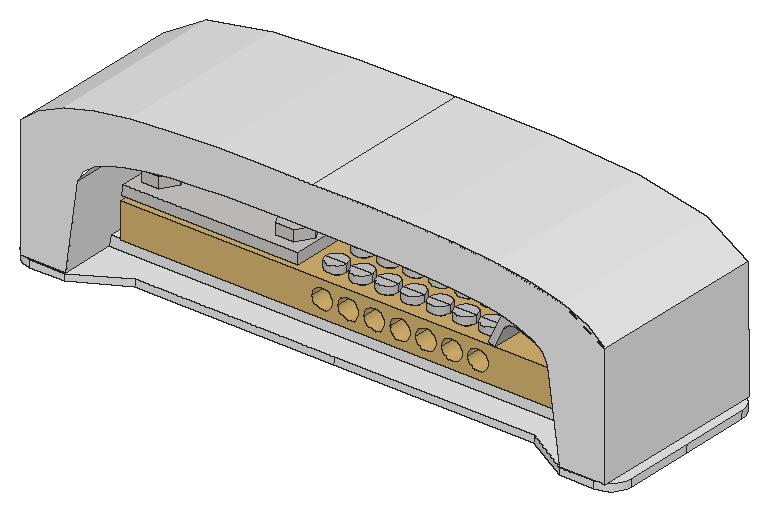
Revit family "FA_ШинаУравниванияПотенциалов_44461_EZETEK", category Системы пожарной сигнализации, Revit 2017
Family settings
  Сохранять ориентацию аннотаций = Нет
  Размер круглого соединителя = Использовать радиус
  Тип детали = Нормальный
  На основе рабочей плоскости = Нет
  Всегда вертикально = Да
  При загрузке вырезать с полостями = Нет
  Общий = Нет
  Точка расчета площади = Нет
Parameters (values of type "ШинаУравниванияПотенциалов_44461")
  Описание = "Шина уравнивания потенциалов предназначена для организации дополнительной системы уравнивания потенциалов в квартирах, домах, офисах и производственных помещениях — шина объединяет защитные проводники электрического оборудования и подключается к ГЗШ. Шина уравнивания потенциалов выполнена из латуни и имеет пластиковый кожух."  # constant formula
  Производитель_Контакты = "ezetek@ezetek.ru"  # constant formula
  Изготовитель = "Ezetek"  # constant formula
  Группа модели = "Коробки и шины уравнивания потенциалов"  # constant formula
  W = 52 mm  # constant formula
  URL = "https://ezetek.ru/"
  L = 175 mm  # constant formula
  ADSK_Этаж [instance] = ""
  ADSK_Размер_Длина = 147 mm  # constant formula
  ADSK_Примечание [instance] = ""
  ADSK_Позиция [instance] = ""
  ADSK_Обозначение = "44461"
  ADSK_Наименование краткое [instance] = "Шина уравнивания потенциалов"
  ADSK_Наименование = "Шина уравнивания потенциалов 10х8х130 мм"
  ADSK_Материал = BIMLIB_Пластик_EZETEK
  ADSK_Масса_Текст = "0.17"
  ADSK_Масса = 0.17
  ADSK_Марка = "44461"
  ADSK_Количество = 1  # constant formula
  ADSK_Код изделия = "44461"
  ADSK_Завод-изготовитель = "Ezetek"  # constant formula
  ADSK_Единица измерения = "шт."  # constant formula
  ADSK_Группирование [instance] = ""
  ADSK_Версия Revit = "2017"  # constant formula
Reference planes
  plane 1 "По центру (Вперед/Назад)": y = 0
  plane 2: z = 0
  plane 3 "По центру (Влево/Вправо)": x = 0
  plane 4: x = -73.5
  plane 5: x = 73.5
  plane 6: x = -87.5
  plane 7: x = 87.5
  plane 8: y = 26
  plane 9: y = -26
  plane 10: y = 18
  plane 11: y = -18
  plane 12: z = 2
  plane 13: z = 50
  plane 14: x = -68
  plane 15: x = 68
  plane 16: y = 10
  plane 17: y = -10
  plane 18: z = 5
  plane 19: z = 15
  plane 20: z = 10
  plane 21: y = -5
  plane 22: y = 5
  plane 23: x = 49.5
  plane 24: z = 18
Forms (mm)
  Extrusion 1, solid, material "BIMLIB_Пластик_EZETEK" <- "ADSK_Материал", detail levels fine
    sketch origin (0, 0, 0) x (1, 0, 0) y (0, 1, 0)
      loop
        arc (-81.5, 26) -> (-85.743, 24.243) -> (-87.5, 20) r 6
        line (-87.5, 20) -> (-87.5, 0) -> (-87.5, -20)
        arc (-87.5, -20) -> (-85.743, -24.243) -> (-81.5, -26) r 6
        line (-81.5, -26) -> (-71.5, -26) -> (-57.644, -18) -> (0, -18) -> (57.644, -18) -> (71.5, -26) -> (81.5, -26)
        arc (81.5, -26) -> (85.743, -24.243) -> (87.5, -20) r 6
        line (87.5, -20) -> (87.5, 0) -> (87.5, 20)
        arc (87.5, 20) -> (85.743, 24.243) -> (81.5, 26) r 6
        line (81.5, 26) -> (71.5, 26) -> (57.644, 18) -> (0, 18) -> (-57.644, 18) -> (-71.5, 26) -> (-81.5, 26)
    from 0 to 2
  Extrusion 2, solid, material "BIMLIB_Пластик_EZETEK" <- "ADSK_Материал", detail levels fine
    sketch origin (0, 0, 0) x (1, 0, 0) y (0, 1, 0)
      loop
        line (-73.5, 10) -> (-73.5, -10) -> (73.5, -10) -> (73.5, 10) -> (-73.5, 10)
    from 5 to 2
  Extrusion 3, solid, material "BIMLIB_Латунь_EZETEK", detail levels fine
    sketch origin (0, 0, 0) x (1, 0, 0) y (0, 1, 0)
      loop
        line (-68, 10) -> (-68, -10) -> (68, -10) -> (68, 10) -> (-68, 10)
    from 15 to 5
  Extrusion 4, void
    sketch origin (0, 0, 0) x (1, 0, 0) y (0, 0, 1)
      loop
        circle (-9.75, 10) r 3
      loop
        circle (-2.25, 10) r 3
      loop
        circle (5.25, 10) r 3
      loop
        circle (12.75, 10) r 3
      loop
        circle (20.25, 10) r 3
      loop
        circle (27.75, 10) r 3
      loop
        circle (35.25, 10) r 3
    from 10 to -10
  Revolve 5, solid, material "BIMLIB_Сталь_Нержавеющая_EZETEK", detail levels fine
    sketch origin (-76.811, -5, 1200) x (-1, 0, 0) y (0, 0, 1)
      loop
        line (-67.061, -1190) -> (-67.061, -1185) -> (-67.061, -1182.022) -> (-70.049, -1182.022) -> (-70.049, -1184.022) -> (-68.561, -1184.022) -> (-68.561, -1190) -> (-67.061, -1190)
      axis (-67.061, -1190) -> (-67.061, -1182.022)
    angle from 0 to 360
  Revolve 6, solid, material "BIMLIB_Сталь_Нержавеющая_EZETEK", detail levels fine
    sketch origin (-69.311, -5, 1200) x (-1, 0, 0) y (0, 0, 1)
      loop
        line (-67.061, -1190) -> (-67.061, -1185) -> (-67.061, -1182.022) -> (-70.049, -1182.022) -> (-70.049, -1184.022) -> (-68.561, -1184.022) -> (-68.561, -1190) -> (-67.061, -1190)
      axis (-67.061, -1190) -> (-67.061, -1182.022)
    angle from 0 to 360
  Revolve 7, solid, material "BIMLIB_Сталь_Нержавеющая_EZETEK", detail levels fine
    sketch origin (-61.811, -5, 1200) x (-1, 0, 0) y (0, 0, 1)
      loop
        line (-67.061, -1190) -> (-67.061, -1185) -> (-67.061, -1182.022) -> (-70.049, -1182.022) -> (-70.049, -1184.022) -> (-68.561, -1184.022) -> (-68.561, -1190) -> (-67.061, -1190)
      axis (-67.061, -1190) -> (-67.061, -1182.022)
    angle from 0 to 360
  Revolve 8, solid, material "BIMLIB_Сталь_Нержавеющая_EZETEK", detail levels fine
    sketch origin (-54.311, -5, 1200) x (-1, 0, 0) y (0, 0, 1)
      loop
        line (-67.061, -1190) -> (-67.061, -1185) -> (-67.061, -1182.022) -> (-70.049, -1182.022) -> (-70.049, -1184.022) -> (-68.561, -1184.022) -> (-68.561, -1190) -> (-67.061, -1190)
      axis (-67.061, -1190) -> (-67.061, -1182.022)
    angle from 0 to 360
  Revolve 9, solid, material "BIMLIB_Сталь_Нержавеющая_EZETEK", detail levels fine
    sketch origin (-46.811, -5, 1200) x (-1, 0, 0) y (0, 0, 1)
      loop
        line (-67.061, -1190) -> (-67.061, -1185) -> (-67.061, -1182.022) -> (-70.049, -1182.022) -> (-70.049, -1184.022) -> (-68.561, -1184.022) -> (-68.561, -1190) -> (-67.061, -1190)
      axis (-67.061, -1190) -> (-67.061, -1182.022)
    angle from 0 to 360
  Revolve 10, solid, material "BIMLIB_Сталь_Нержавеющая_EZETEK", detail levels fine
    sketch origin (-39.311, -5, 1200) x (-1, 0, 0) y (0, 0, 1)
      loop
        line (-67.061, -1190) -> (-67.061, -1185) -> (-67.061, -1182.022) -> (-70.049, -1182.022) -> (-70.049, -1184.022) -> (-68.561, -1184.022) -> (-68.561, -1190) -> (-67.061, -1190)
      axis (-67.061, -1190) -> (-67.061, -1182.022)
    angle from 0 to 360
  Revolve 11, solid, material "BIMLIB_Сталь_Нержавеющая_EZETEK", detail levels fine
    sketch origin (-31.811, -5, 1200) x (-1, 0, 0) y (0, 0, 1)
      loop
        line (-67.061, -1190) -> (-67.061, -1185) -> (-67.061, -1182.022) -> (-70.049, -1182.022) -> (-70.049, -1184.022) -> (-68.561, -1184.022) -> (-68.561, -1190) -> (-67.061, -1190)
      axis (-67.061, -1190) -> (-67.061, -1182.022)
    angle from 0 to 360
  Revolve 12, solid, material "BIMLIB_Сталь_Нержавеющая_EZETEK", detail levels fine
    sketch origin (-76.811, 5, 1200) x (-1, 0, 0) y (0, 0, -1)
      loop
        line (-67.061, 1190) -> (-68.561, 1190) -> (-68.561, 1184.022) -> (-70.049, 1184.022) -> (-70.049, 1182.022) -> (-67.061, 1182.022) -> (-67.061, 1185) -> (-67.061, 1190)
      axis (-67.061, 1190) -> (-67.061, 1182.022)
    angle from 0 to 360
  Revolve 13, solid, material "BIMLIB_Сталь_Нержавеющая_EZETEK", detail levels fine
    sketch origin (-69.311, 5, 1200) x (-1, 0, 0) y (0, 0, -1)
      loop
        line (-67.061, 1190) -> (-68.561, 1190) -> (-68.561, 1184.022) -> (-70.049, 1184.022) -> (-70.049, 1182.022) -> (-67.061, 1182.022) -> (-67.061, 1185) -> (-67.061, 1190)
      axis (-67.061, 1190) -> (-67.061, 1182.022)
    angle from 0 to 360
  Revolve 14, solid, material "BIMLIB_Сталь_Нержавеющая_EZETEK", detail levels fine
    sketch origin (-61.811, 5, 1200) x (-1, 0, 0) y (0, 0, -1)
      loop
        line (-67.061, 1190) -> (-68.561, 1190) -> (-68.561, 1184.022) -> (-70.049, 1184.022) -> (-70.049, 1182.022) -> (-67.061, 1182.022) -> (-67.061, 1185) -> (-67.061, 1190)
      axis (-67.061, 1190) -> (-67.061, 1182.022)
    angle from 0 to 360
  Revolve 15, solid, material "BIMLIB_Сталь_Нержавеющая_EZETEK", detail levels fine
    sketch origin (-54.311, 5, 1200) x (-1, 0, 0) y (0, 0, -1)
      loop
        line (-67.061, 1190) -> (-68.561, 1190) -> (-68.561, 1184.022) -> (-70.049, 1184.022) -> (-70.049, 1182.022) -> (-67.061, 1182.022) -> (-67.061, 1185) -> (-67.061, 1190)
      axis (-67.061, 1190) -> (-67.061, 1182.022)
    angle from 0 to 360
  Revolve 16, solid, material "BIMLIB_Сталь_Нержавеющая_EZETEK", detail levels fine
    sketch origin (-46.811, 5, 1200) x (-1, 0, 0) y (0, 0, -1)
      loop
        line (-67.061, 1190) -> (-68.561, 1190) -> (-68.561, 1184.022) -> (-70.049, 1184.022) -> (-70.049, 1182.022) -> (-67.061, 1182.022) -> (-67.061, 1185) -> (-67.061, 1190)
      axis (-67.061, 1190) -> (-67.061, 1182.022)
    angle from 0 to 360
  Revolve 17, solid, material "BIMLIB_Сталь_Нержавеющая_EZETEK", detail levels fine
    sketch origin (-39.311, 5, 1200) x (-1, 0, 0) y (0, 0, -1)
      loop
        line (-67.061, 1190) -> (-68.561, 1190) -> (-68.561, 1184.022) -> (-70.049, 1184.022) -> (-70.049, 1182.022) -> (-67.061, 1182.022) -> (-67.061, 1185) -> (-67.061, 1190)
      axis (-67.061, 1190) -> (-67.061, 1182.022)
    angle from 0 to 360
  Revolve 18, solid, material "BIMLIB_Сталь_Нержавеющая_EZETEK", detail levels fine
    sketch origin (-31.811, 5, 1200) x (-1, 0, 0) y (0, 0, -1)
      loop
        line (-67.061, 1190) -> (-68.561, 1190) -> (-68.561, 1184.022) -> (-70.049, 1184.022) -> (-70.049, 1182.022) -> (-67.061, 1182.022) -> (-67.061, 1185) -> (-67.061, 1190)
      axis (-67.061, 1190) -> (-67.061, 1182.022)
    angle from 0 to 360
  Extrusion 19, solid, material "BIMLIB_Сталь_Нержавеющая_EZETEK", detail levels fine
    sketch origin (0, 0, 0) x (1, 0, 0) y (0, 1, 0)
      loop
        line (45.747, 6.5) -> (41.994, 0) -> (45.747, -6.5) -> (53.253, -6.5) -> (57.006, 0) -> (53.253, 6.5) -> (45.747, 6.5)
    from 29 to 25
  Extrusion 20, solid, material "BIMLIB_Сталь_Нержавеющая_EZETEK", detail levels fine
    sketch origin (0, 0, 0) x (1, 0, 0) y (0, 1, 0)
      loop
        circle (49.5, 0) r 2.979
    from 25 to 15
  Extrusion 21, solid, material "BIMLIB_Сталь_Нержавеющая_EZETEK", detail levels fine
    sketch origin (0, 0, 0) x (1, 0, 0) y (0, 0, 1)
      loop
        line (41.216, 22.365) -> (38.177, 15.848) -> (39.99, 15.003) -> (42.641, 20.689)
        arc (42.641, 20.689) -> (44.212, 22.193) -> (46.386, 22.24) r 3
        line (46.386, 22.24) -> (65.879, 15.145) -> (66.563, 17.025) -> (46.209, 24.433)
        arc (46.209, 24.433) -> (43.31, 24.37) -> (41.216, 22.365) r 4
    from 10 to -10
  Extrusion 22, solid, material "BIMLIB_Сталь_Нержавеющая_EZETEK", detail levels fine
    sketch origin (0, 0, 0) x (1, 0, 0) y (0, 1, 0)
      loop
        line (-73.5, 8) -> (-73.5, -8) -> (-18.5, -8) -> (-18.5, 8) -> (-73.5, 8)
    from 18 to 15
  Extrusion 23, solid, material "BIMLIB_Сталь_Нержавеющая_EZETEK", detail levels fine
    sketch origin (0, 0, 0) x (1, 0, 0) y (0, 1, 0)
      loop
        line (-27.589, 4.484) -> (-30.177, 0) -> (-27.589, -4.484) -> (-22.411, -4.484) -> (-19.823, 0) -> (-22.411, 4.484) -> (-27.589, 4.484)
      loop
        line (-61.411, 4.484) -> (-66.589, 4.484) -> (-69.177, 0) -> (-66.589, -4.484) -> (-61.411, -4.484) -> (-58.823, 0) -> (-61.411, 4.484)
    from 21 to 17.978
  Extrusion 24, solid, material "BIMLIB_Пластик_EZETEK" <- "ADSK_Материал", detail levels fine
    sketch origin (0, 0, 0) x (1, 0, 0) y (0, 0, 1)
      loop
        line (-84.5, 2) -> (-71.5, 2) -> (-68, 27)
        spline (-68, 27) -> (-66.585, 29.648) -> (-64.032, 31.832) -> (-60.45, 33.6) -> (-55.951, 34.996) -> (-50.641, 36.066) -> (-44.632, 36.858) -> (-38.032, 37.417) -> (-30.951, 37.788) -> (-23.497, 38.019) -> (-15.782, 38.154) -> (-7.913, 38.241) -> (0, 38.324)
        spline (0, 38.324) -> (7.913, 38.241) -> (15.782, 38.154) -> (23.497, 38.019) -> (30.951, 37.788) -> (38.032, 37.417) -> (44.632, 36.858) -> (50.641, 36.066) -> (55.951, 34.996) -> (60.45, 33.6) -> (64.032, 31.832) -> (66.585, 29.648) -> (68, 27)
        line (68, 27) -> (71.5, 2) -> (84.5, 2) -> (84.5, 37)
        spline (84.5, 37) -> (81.275, 39.987) -> (77.142, 42.477) -> (72.167, 44.516) -> (66.411, 46.148) -> (59.941, 47.42) -> (52.819, 48.375) -> (45.11, 49.06) -> (36.878, 49.519) -> (28.187, 49.797) -> (19.101, 49.94) -> (9.684, 49.992) -> (0, 50)
        spline (0, 50) -> (-9.684, 49.992) -> (-19.101, 49.94) -> (-28.187, 49.797) -> (-36.878, 49.519) -> (-45.11, 49.06) -> (-52.819, 48.375) -> (-59.941, 47.42) -> (-66.411, 46.148) -> (-72.167, 44.516) -> (-77.142, 42.477) -> (-81.275, 39.987) -> (-84.5, 37)
        line (-84.5, 37) -> (-84.5, 2)
    from 25.691 to -26
Cuts and joins
  Extrusion 4 cuts Extrusion 3
  joined: Extrusion 2, Extrusion 24
Dimensions and locks
  equal spacing: plane 4, plane 3 "По центру (Влево/Вправо)", plane 5
  "ADSK_Размер_Длина": plane 4 to plane 5
  equal spacing: plane 6, plane 3 "По центру (Влево/Вправо)", plane 7
  "L": plane 6 to plane 7
  equal spacing: plane 9, plane 1 "По центру (Вперед/Назад)", plane 8
  "W": plane 9 to plane 8
  locked: plane 1 "По центру (Вперед/Назад)" to plane 10 at 18
  locked: plane 1 "По центру (Вперед/Назад)" to plane 11 at 18
  locked: plane 12 to plane 2 at 2
  locked: plane 13 to plane 2 at 50
  locked: plane 14 to plane 3 "По центру (Влево/Вправо)" at 68
  locked: plane 15 to plane 3 "По центру (Влево/Вправо)" at 68
  locked: plane 16 to plane 1 "По центру (Вперед/Назад)" at 10
  locked: plane 17 to plane 1 "По центру (Вперед/Назад)" at 10
  locked: plane 18 to plane 12 at 3
  locked: plane 19 to plane 18 at 10
  equal spacing: plane 19, plane 20, plane 18
  locked: plane 1 "По центру (Вперед/Назад)" to plane 21 at 5
  locked: plane 1 "По центру (Вперед/Назад)" to plane 22 at 5
  locked: plane 23 to plane 7 at 38
  locked: plane 24 to plane 19 at 3
  aligned and locked: level to plane 2
  aligned and locked: plane 12 to Extrusion 1
  aligned and locked: Extrusion 1 to plane 2
  aligned and locked: Extrusion 2 to plane 12
  aligned and locked: plane 18 to Extrusion 2
  aligned and locked: Extrusion 3 sketch curve to Extrusion 2  (x2)
  aligned and locked: Extrusion 3 sketch curve to plane 14
  aligned and locked: Extrusion 3 sketch curve to plane 15
  aligned and locked: Extrusion 3 to plane 18
  aligned and locked: plane 19 to Extrusion 3
  aligned and locked: plane 17 to Extrusion 4
  aligned and locked: plane 16 to Extrusion 4
  aligned and locked: Extrusion 19 to Extrusion 20
  aligned and locked: plane 17 to Extrusion 21
  aligned and locked: Extrusion 21 to plane 16
  aligned and locked: Extrusion 22 to plane 19
  aligned and locked: plane 24 to Extrusion 22
  aligned and locked: Extrusion 23 to Revolve 5
Automatic sketch dimensions
  Extrusion 1 sketch curve to plane 6 = 0 mm
  Extrusion 1 sketch curve to plane 8 = 0 mm  (x2)
  plane 9 to Extrusion 1 sketch curve = 0 mm  (x2)
  Extrusion 1 sketch curve to plane 10 = 0 mm
  plane 11 to Extrusion 1 sketch curve = 0 mm
  Extrusion 1 sketch curve to plane 3 "По центру (Влево/Вправо)" = 0 mm  (x2)
  Extrusion 1 sketch curve to plane 7 = 0 mm
  plane 1 "По центру (Вперед/Назад)" to Extrusion 1 sketch curve = 0 mm  (x2)
  Extrusion 1 sketch curve to plane 6 = 6 mm  (x2)
  Extrusion 1 sketch curve to plane 4 = 2 mm  (x2)
  Extrusion 1 sketch curve to plane 14 = 10.356 mm  (x2)
  Extrusion 1 sketch curve to plane 15 = 10.356 mm  (x2)
  Extrusion 1 sketch curve to plane 5 = 2 mm  (x2)
  plane 11 to Extrusion 1 sketch curve = 2 mm
  plane 10 to Extrusion 1 sketch curve = 2 mm
  Extrusion 2 sketch curve to plane 4 = 0 mm
  Extrusion 2 sketch curve to plane 5 = 0 mm
  Extrusion 2 sketch curve to plane 17 = 0 mm
  plane 16 to Extrusion 2 sketch curve = 0 mm
  Extrusion 4 sketch curve to plane 20 = 0 mm  (x7)
  Extrusion 4 sketch curve to plane 3 "По центру (Влево/Вправо)" = 9.75 mm
  Extrusion 4 sketch curve to plane 3 "По центру (Влево/Вправо)" = 2.25 mm
  plane 3 "По центру (Влево/Вправо)" to Extrusion 4 sketch curve = 5.25 mm
  Extrusion 4 sketch curve to Extrusion 4 sketch curve = 7.5 mm  (x4)
  Revolve 5 sketch curve to plane 20 = 0 mm  (x2)
  Revolve 5 sketch curve to plane 19 = 0 mm
  plane 19 to Revolve 5 sketch curve = 2.978 mm
  Revolve 5 sketch curve to plane 3 "По центру (Влево/Вправо)" = 6.763 mm
  Revolve 5 sketch curve to Revolve 5 sketch curve = 1.487 mm
  Revolve 5 sketch curve to Revolve 5 sketch curve = 1.5 mm
  plane 19 to Revolve 5 sketch curve = 0.978 mm
  Revolve 5 sketch curve to Revolve 5 sketch curve = 0 mm
  Revolve 5 sketch curve to Revolve 5 sketch curve = 7.562 mm
  Revolve 6 sketch curve to plane 20 = 0 mm  (x2)
  Revolve 6 sketch curve to plane 19 = 0 mm
  plane 3 "По центру (Влево/Вправо)" to Revolve 6 sketch curve = 0.737 mm
  Revolve 6 sketch curve to plane 3 "По центру (Влево/Вправо)" = 0.75 mm
  Revolve 6 sketch curve to plane 3 "По центру (Влево/Вправо)" = 2.25 mm
  plane 19 to Revolve 6 sketch curve = 0.978 mm
  Revolve 6 sketch curve to Revolve 6 sketch curve = 2 mm
  Revolve 6 sketch curve to Revolve 6 sketch curve = 0 mm
  Revolve 6 sketch curve to Revolve 6 sketch curve = 7.562 mm
  Revolve 7 sketch curve to plane 20 = 0 mm  (x2)
  Revolve 7 sketch curve to plane 19 = 0 mm
  plane 19 to Revolve 7 sketch curve = 2.978 mm
  plane 3 "По центру (Влево/Вправо)" to Revolve 7 sketch curve = 8.237 mm
  Revolve 7 sketch curve to Revolve 7 sketch curve = 1.487 mm
  Revolve 7 sketch curve to Revolve 7 sketch curve = 1.5 mm
  plane 19 to Revolve 7 sketch curve = 0.978 mm
  Revolve 7 sketch curve to Revolve 7 sketch curve = 0 mm
  Revolve 7 sketch curve to Revolve 7 sketch curve = 7.562 mm
  Revolve 8 sketch curve to plane 20 = 0 mm  (x2)
  Revolve 8 sketch curve to plane 19 = 0 mm
  plane 19 to Revolve 8 sketch curve = 2.978 mm
  plane 3 "По центру (Влево/Вправо)" to Revolve 8 sketch curve = 15.737 mm
  Revolve 8 sketch curve to Revolve 8 sketch curve = 1.487 mm
  Revolve 8 sketch curve to Revolve 8 sketch curve = 1.5 mm
  plane 19 to Revolve 8 sketch curve = 0.978 mm
  Revolve 8 sketch curve to Revolve 8 sketch curve = 0 mm
  Revolve 8 sketch curve to Revolve 8 sketch curve = 7.562 mm
  Revolve 9 sketch curve to plane 20 = 0 mm  (x2)
  Revolve 9 sketch curve to plane 19 = 0 mm
  plane 19 to Revolve 9 sketch curve = 2.978 mm
  plane 3 "По центру (Влево/Вправо)" to Revolve 9 sketch curve = 23.237 mm
  Revolve 9 sketch curve to Revolve 9 sketch curve = 1.487 mm
  Revolve 9 sketch curve to Revolve 9 sketch curve = 1.5 mm
  plane 19 to Revolve 9 sketch curve = 0.978 mm
  Revolve 9 sketch curve to Revolve 9 sketch curve = 0 mm
  Revolve 9 sketch curve to Revolve 9 sketch curve = 7.562 mm
  Revolve 10 sketch curve to plane 20 = 0 mm  (x2)
  Revolve 10 sketch curve to plane 19 = 0 mm
  plane 19 to Revolve 10 sketch curve = 2.978 mm
  plane 3 "По центру (Влево/Вправо)" to Revolve 10 sketch curve = 30.737 mm
  Revolve 10 sketch curve to Revolve 10 sketch curve = 1.487 mm
  Revolve 10 sketch curve to Revolve 10 sketch curve = 1.5 mm
  plane 19 to Revolve 10 sketch curve = 0.978 mm
  Revolve 10 sketch curve to Revolve 10 sketch curve = 0 mm
  Revolve 10 sketch curve to Revolve 10 sketch curve = 7.562 mm
  Revolve 11 sketch curve to plane 20 = 0 mm  (x2)
  Revolve 11 sketch curve to plane 19 = 0 mm
  plane 19 to Revolve 11 sketch curve = 2.978 mm
  Revolve 11 sketch curve to plane 15 = 29.763 mm
  Revolve 11 sketch curve to Revolve 11 sketch curve = 1.487 mm
  Revolve 11 sketch curve to Revolve 11 sketch curve = 1.5 mm
  plane 19 to Revolve 11 sketch curve = 0.978 mm
  Revolve 11 sketch curve to Revolve 11 sketch curve = 0 mm
  Revolve 11 sketch curve to Revolve 11 sketch curve = 7.562 mm
  Revolve 12 sketch curve to plane 20 = 0 mm  (x2)
  Revolve 12 sketch curve to plane 19 = 0 mm
  plane 19 to Revolve 12 sketch curve = 2.978 mm
  Revolve 12 sketch curve to plane 3 "По центру (Влево/Вправо)" = 6.763 mm
  Revolve 12 sketch curve to Revolve 12 sketch curve = 1.487 mm
  Revolve 12 sketch curve to Revolve 12 sketch curve = 1.5 mm
  plane 19 to Revolve 12 sketch curve = 0.978 mm
  Revolve 12 sketch curve to Revolve 12 sketch curve = 0 mm
  Revolve 12 sketch curve to Revolve 12 sketch curve = 7.562 mm
  Revolve 13 sketch curve to plane 20 = 0 mm  (x2)
  Revolve 13 sketch curve to plane 19 = 0 mm
  plane 3 "По центру (Влево/Вправо)" to Revolve 13 sketch curve = 0.737 mm
  Revolve 13 sketch curve to plane 3 "По центру (Влево/Вправо)" = 0.75 mm
  Revolve 13 sketch curve to plane 3 "По центру (Влево/Вправо)" = 2.25 mm
  plane 19 to Revolve 13 sketch curve = 0.978 mm
  Revolve 13 sketch curve to Revolve 13 sketch curve = 2 mm
  Revolve 13 sketch curve to Revolve 13 sketch curve = 0 mm
  Revolve 13 sketch curve to Revolve 13 sketch curve = 7.562 mm
  Revolve 14 sketch curve to plane 20 = 0 mm  (x2)
  Revolve 14 sketch curve to plane 19 = 0 mm
  plane 19 to Revolve 14 sketch curve = 2.978 mm
  plane 3 "По центру (Влево/Вправо)" to Revolve 14 sketch curve = 8.237 mm
  Revolve 14 sketch curve to Revolve 14 sketch curve = 1.487 mm
  Revolve 14 sketch curve to Revolve 14 sketch curve = 1.5 mm
  plane 19 to Revolve 14 sketch curve = 0.978 mm
  Revolve 14 sketch curve to Revolve 14 sketch curve = 0 mm
  Revolve 14 sketch curve to Revolve 14 sketch curve = 7.562 mm
  Revolve 15 sketch curve to plane 20 = 0 mm  (x2)
  Revolve 15 sketch curve to plane 19 = 0 mm
  plane 19 to Revolve 15 sketch curve = 2.978 mm
  plane 3 "По центру (Влево/Вправо)" to Revolve 15 sketch curve = 15.737 mm
  Revolve 15 sketch curve to Revolve 15 sketch curve = 1.487 mm
  Revolve 15 sketch curve to Revolve 15 sketch curve = 1.5 mm
  plane 19 to Revolve 15 sketch curve = 0.978 mm
  Revolve 15 sketch curve to Revolve 15 sketch curve = 0 mm
  Revolve 15 sketch curve to Revolve 15 sketch curve = 7.562 mm
  Revolve 16 sketch curve to plane 20 = 0 mm  (x2)
  Revolve 16 sketch curve to plane 19 = 0 mm
  plane 19 to Revolve 16 sketch curve = 2.978 mm
  plane 3 "По центру (Влево/Вправо)" to Revolve 16 sketch curve = 23.237 mm
  Revolve 16 sketch curve to Revolve 16 sketch curve = 1.487 mm
  Revolve 16 sketch curve to Revolve 16 sketch curve = 1.5 mm
  plane 19 to Revolve 16 sketch curve = 0.978 mm
  Revolve 16 sketch curve to Revolve 16 sketch curve = 0 mm
  Revolve 16 sketch curve to Revolve 16 sketch curve = 7.562 mm
  Revolve 17 sketch curve to plane 20 = 0 mm  (x2)
  Revolve 17 sketch curve to plane 19 = 0 mm
  plane 19 to Revolve 17 sketch curve = 2.978 mm
  plane 3 "По центру (Влево/Вправо)" to Revolve 17 sketch curve = 30.737 mm
  Revolve 17 sketch curve to Revolve 17 sketch curve = 1.487 mm
  Revolve 17 sketch curve to Revolve 17 sketch curve = 1.5 mm
  plane 19 to Revolve 17 sketch curve = 0.978 mm
  Revolve 17 sketch curve to Revolve 17 sketch curve = 0 mm
  Revolve 17 sketch curve to Revolve 17 sketch curve = 7.562 mm
  Revolve 18 sketch curve to plane 20 = 0 mm  (x2)
  Revolve 18 sketch curve to plane 19 = 0 mm
  plane 19 to Revolve 18 sketch curve = 2.978 mm
  Revolve 18 sketch curve to plane 15 = 29.763 mm
  Revolve 18 sketch curve to Revolve 18 sketch curve = 1.487 mm
  Revolve 18 sketch curve to Revolve 18 sketch curve = 1.5 mm
  plane 19 to Revolve 18 sketch curve = 0.978 mm
  Revolve 18 sketch curve to Revolve 18 sketch curve = 0 mm
  Revolve 18 sketch curve to Revolve 18 sketch curve = 7.562 mm
  plane 1 "По центру (Вперед/Назад)" to Extrusion 20 sketch curve = 0 mm
  Extrusion 20 sketch curve to plane 23 = 0 mm
  plane 19 to Extrusion 21 sketch curve = 0.848 mm
  plane 23 to Extrusion 21 sketch curve = 11.323 mm
  plane 19 to Extrusion 21 sketch curve = 0.003 mm
  Extrusion 21 sketch curve to Extrusion 21 sketch curve = 1.813 mm
  plane 19 to Extrusion 21 sketch curve = 7.365 mm
  plane 19 to Extrusion 21 sketch curve = 5.689 mm
  Extrusion 21 sketch curve to Extrusion 21 sketch curve = 3.625 mm
  plane 23 to Extrusion 21 sketch curve = 3.291 mm
  plane 19 to Extrusion 21 sketch curve = 4.421 mm
  plane 23 to Extrusion 21 sketch curve = 4.14 mm
  plane 23 to Extrusion 21 sketch curve = 3.114 mm
  plane 19 to Extrusion 21 sketch curve = 0.145 mm
  Extrusion 21 sketch curve to plane 15 = 2.121 mm
  Extrusion 21 sketch curve to plane 15 = 1.437 mm
  Extrusion 22 sketch curve to plane 4 = 0 mm
  Extrusion 22 sketch curve to plane 17 = 2 mm
  Extrusion 22 sketch curve to plane 16 = 2 mm
  Extrusion 22 sketch curve to plane 3 "По центру (Влево/Вправо)" = 18.5 mm
  plane 1 "По центру (Вперед/Назад)" to Extrusion 23 sketch curve = 0 mm  (x4)
  Extrusion 23 sketch curve to plane 4 = 4.323 mm
  plane 22 to Extrusion 23 sketch curve = 0.516 mm  (x2)
  Extrusion 23 sketch curve to plane 14 = 1.411 mm  (x2)
  plane 21 to Extrusion 23 sketch curve = 0.516 mm  (x2)
  Extrusion 23 sketch curve to plane 14 = 6.589 mm  (x2)
  Extrusion 23 sketch curve to Extrusion 23 sketch curve = 2.589 mm  (x4)
  Extrusion 23 sketch curve to plane 3 "По центру (Влево/Вправо)" = 30.177 mm
  Extrusion 23 sketch curve to Extrusion 23 sketch curve = 5.177 mm  (x2)
  Extrusion 24 sketch curve to plane 12 = 0 mm  (x2)
  Extrusion 24 sketch curve to plane 3 "По центру (Влево/Вправо)" = 0 mm  (x2)
  Extrusion 24 sketch curve to plane 13 = 0 mm
  Extrusion 24 sketch curve to plane 4 = 5.5 mm
  Extrusion 24 sketch curve to plane 6 = 3 mm
  Extrusion 24 sketch curve to plane 5 = 2 mm
  Extrusion 24 sketch curve to plane 7 = 3 mm
  plane 24 to Extrusion 24 sketch curve = 9 mm  (x2)
  Extrusion 24 sketch curve to plane 13 = 13 mm  (x2)
  Extrusion 24 sketch curve to Extrusion 24 sketch curve = 11.676 mm
  radius of Extrusion 4 sketch curve = 3 mm  (x7)
  radius of Extrusion 20 sketch curve = 2.979 mm
